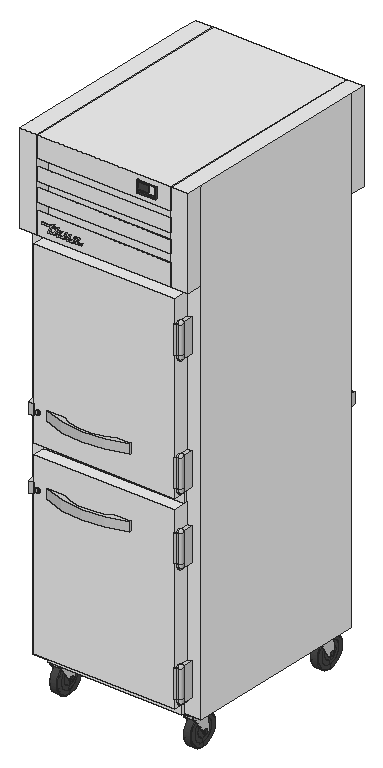
Revit family "QF_TRUE_STR1RPT-2HS-1S-HC", category Specialty Equipment, Revit 2012 (continued)
Automatic sketch dimensions
  Extrusion 6 sketch curve to Extrusion 6 sketch curve = 0.0324"
  Extrusion 6 sketch curve to Extrusion 6 sketch curve = 0.26185"
  Extrusion 6 sketch curve to Extrusion 6 sketch curve = 11/256"
  Extrusion 6 sketch curve to Extrusion 6 sketch curve = 0.07366"
  Extrusion 6 sketch curve to Extrusion 6 sketch curve = 0.02187"
  Extrusion 6 sketch curve to Extrusion 6 sketch curve = 0.06479"
  Extrusion 6 sketch curve to Extrusion 6 sketch curve = 0.01183"
  Extrusion 6 sketch curve to Extrusion 6 sketch curve = 0.05778"
  Extrusion 6 sketch curve to Extrusion 6 sketch curve = 0.53375"
  Extrusion 6 sketch curve to Extrusion 6 sketch curve = 0.23098"
  Extrusion 6 sketch curve to Extrusion 6 sketch curve = 0"
  Extrusion 6 sketch curve to Extrusion 6 sketch curve = 0.05045"
  Extrusion 6 sketch curve to Extrusion 6 sketch curve = 0.09139"
  Extrusion 6 sketch curve to Extrusion 6 sketch curve = 29/128"  (x3)
  Extrusion 9 sketch curve to Extrusion 9 sketch curve = 1/4"  (x2)
  Extrusion 9 sketch curve to Extrusion 9 sketch curve = 0.50669"  (x2)
  Extrusion 9 sketch curve to plane 6 = 0.63926"  (x2)
  Extrusion 9 sketch curve to Extrusion 9 sketch curve = 2 1/2"  (x2)
  level to Extrusion 9 sketch curve = 2.59003"
  Extrusion 9 sketch curve to Extrusion 9 sketch curve = 0.59966"  (x2)
  Extrusion 9 sketch curve to Extrusion 9 sketch curve = 0.07363"
  level to Extrusion 9 sketch curve = 2.5164"
  Extrusion 9 sketch curve to Extrusion 9 sketch curve = 0.32905"
  Extrusion 9 sketch curve to Extrusion 9 sketch curve = 0.60485"  (x2)
  Extrusion 10 sketch curve to Extrusion 10 sketch curve = 1/4"  (x2)
  Extrusion 10 sketch curve to Extrusion 10 sketch curve = 0.50669"  (x2)
  Extrusion 10 sketch curve to plane 6 = 0.63926"  (x2)
  Extrusion 10 sketch curve to Extrusion 10 sketch curve = 2 1/2"  (x2)
  level to Extrusion 10 sketch curve = 2.59003"
  Extrusion 10 sketch curve to Extrusion 10 sketch curve = 0.59966"  (x2)
  Extrusion 10 sketch curve to Extrusion 10 sketch curve = 0.07363"
  level to Extrusion 10 sketch curve = 2.5164"
  Extrusion 10 sketch curve to Extrusion 10 sketch curve = 0.32905"
  Extrusion 10 sketch curve to Extrusion 10 sketch curve = 0.60485"  (x2)
  Extrusion 15 sketch curve to Extrusion 15 sketch curve = 1/4"  (x2)
  Extrusion 15 sketch curve to plane 6 = 0.63926"  (x2)
  Extrusion 15 sketch curve to Extrusion 15 sketch curve = 2 1/2"  (x2)
  Extrusion 15 sketch curve to plane 6 = 0.93273"  (x2)
  Extrusion 15 sketch curve to Extrusion 15 sketch curve = 0.03603"
  Extrusion 15 sketch curve to plane 6 = 1.24411"
  plane 2 "LEFT" to Revolve 16 sketch curve = 1.33602"
  Revolve 16 sketch curve to Revolve 16 sketch curve = 0.48273"
  Revolve 16 sketch curve to Revolve 16 sketch curve = 0.1"  (x2)
  Revolve 16 sketch curve to Revolve 16 sketch curve = 0.16101"  (x2)
  Revolve 16 sketch curve to Revolve 16 sketch curve = 1/2"
  Revolve 16 sketch curve to Revolve 16 sketch curve = 0.16509"  (x2)
  Revolve 16 sketch curve to Revolve 16 sketch curve = 0.39592"
  level to Revolve 16 sketch curve = 2 1/2"
  Revolve 16 sketch curve to Revolve 16 sketch curve = 0"
  Revolve 16 sketch curve to Revolve 16 sketch curve = 0.29941"  (x2)
  Revolve 16 sketch curve to Revolve 16 sketch curve = 3/4"  (x4)
  Revolve 16 sketch curve to Revolve 16 sketch curve = 0.59652"
  Revolve 16 sketch curve to Revolve 16 sketch curve = 0.60059"
  Extrusion 17 sketch curve to Extrusion 17 sketch curve = 1/4"  (x2)
  Extrusion 17 sketch curve to Extrusion 17 sketch curve = 0.50669"  (x2)
  Extrusion 17 sketch curve to plane 6 = 0.63926"  (x2)
  Extrusion 17 sketch curve to Extrusion 17 sketch curve = 2 1/2"  (x2)
  level to Extrusion 17 sketch curve = 2.59003"
  Extrusion 17 sketch curve to Extrusion 17 sketch curve = 0.59966"  (x2)
  Extrusion 17 sketch curve to Extrusion 17 sketch curve = 0.07363"
  level to Extrusion 17 sketch curve = 2.5164"
  Extrusion 17 sketch curve to Extrusion 17 sketch curve = 0.32905"
  Extrusion 17 sketch curve to Extrusion 17 sketch curve = 0.60485"  (x2)
  Extrusion 18 sketch curve to Extrusion 18 sketch curve = 1/4"  (x2)
  Extrusion 18 sketch curve to Extrusion 18 sketch curve = 0.50669"  (x2)
  Extrusion 18 sketch curve to plane 6 = 0.63926"  (x2)
  Extrusion 18 sketch curve to Extrusion 18 sketch curve = 2 1/2"  (x2)
  level to Extrusion 18 sketch curve = 2.59003"
  Extrusion 18 sketch curve to Extrusion 18 sketch curve = 0.59966"  (x2)
  Extrusion 18 sketch curve to Extrusion 18 sketch curve = 0.07363"
  level to Extrusion 18 sketch curve = 2.5164"
  Extrusion 18 sketch curve to Extrusion 18 sketch curve = 0.32905"
  Extrusion 18 sketch curve to Extrusion 18 sketch curve = 0.60485"  (x2)
  Revolve 19 sketch curve to plane 6 = 0.62954"
  Revolve 19 sketch curve to Revolve 19 sketch curve = 0.10278"
  Revolve 19 sketch curve to plane 6 = 0.00141"
  plane 6 to Revolve 19 sketch curve = 0.26768"
  Revolve 20 sketch curve to level = 0"
  Revolve 20 sketch curve to Revolve 20 sketch curve = 1/4"
  Revolve 20 sketch curve to plane 6 = 0"
  level to Revolve 20 sketch curve = 1"
  Revolve 20 sketch curve to Revolve 20 sketch curve = 5/8"
  plane 6 to Revolve 20 sketch curve = 1 25/32"
  Revolve 21 sketch curve to level = 0"
  Revolve 21 sketch curve to Revolve 21 sketch curve = 1/4"
  Revolve 21 sketch curve to plane 6 = 0"
  level to Revolve 21 sketch curve = 1"
  Revolve 21 sketch curve to Revolve 21 sketch curve = 5/8"
  plane 6 to Revolve 21 sketch curve = 1 25/32"
  Revolve 22 sketch curve to plane 6 = 0.62954"
  Revolve 22 sketch curve to Revolve 22 sketch curve = 0.10278"
  Revolve 22 sketch curve to plane 6 = 0.00141"
  plane 6 to Revolve 22 sketch curve = 0.26768"
  Extrusion 23 sketch curve to Extrusion 23 sketch curve = 1/4"  (x2)
  Extrusion 23 sketch curve to plane 6 = 0.63926"  (x2)
  Extrusion 23 sketch curve to Extrusion 23 sketch curve = 2 1/2"  (x2)
  Extrusion 23 sketch curve to plane 6 = 0.93273"  (x2)
  Extrusion 23 sketch curve to Extrusion 23 sketch curve = 0.03603"
  Extrusion 23 sketch curve to plane 6 = 1.24411"
  plane 2 "LEFT" to Extrusion 26 sketch curve = 3/64"
  Extrusion 27 sketch curve to Extrusion 27 sketch curve = 0.20453"
  Extrusion 27 sketch curve to plane 5 "TOP" = 19.57271"
  Extrusion 27 sketch curve to Extrusion 27 sketch curve = 4.39928"
  Extrusion 27 sketch curve to Extrusion 27 sketch curve = 0.71221"
  Revolve 28 sketch curve to Revolve 28 sketch curve = 0.40666"
  Revolve 28 sketch curve to Revolve 28 sketch curve = 0"  (x2)
  Revolve 28 sketch curve to plane 5 "TOP" = 18.75492"
  Revolve 28 sketch curve to Revolve 28 sketch curve = 0.55526"
  Revolve 28 sketch curve to Revolve 28 sketch curve = 0.19474"
  Revolve 28 sketch curve to Revolve 28 sketch curve = 0.14649"
  Revolve 28 sketch curve to Revolve 28 sketch curve = 4.42889"
  Revolve 28 sketch curve to Revolve 28 sketch curve = 0.05342"
  Revolve 28 sketch curve to Revolve 28 sketch curve = 0.51246"
  Revolve 28 sketch curve to Revolve 28 sketch curve = 0.05889"
  Extrusion 29 sketch curve to Extrusion 29 sketch curve = 0.39759"
  Extrusion 29 sketch curve to plane 5 "TOP" = 19.6514"
  Extrusion 29 sketch curve to Extrusion 29 sketch curve = 4.47281"
  Extrusion 30 sketch curve to Extrusion 30 sketch curve = 0.20453"
  plane 6 to Extrusion 30 sketch curve = 38.92729"
  Extrusion 30 sketch curve to Extrusion 30 sketch curve = 4.39928"
  Extrusion 30 sketch curve to Extrusion 30 sketch curve = 0.71221"
  Revolve 31 sketch curve to Revolve 31 sketch curve = 0.40666"
  Revolve 31 sketch curve to Revolve 31 sketch curve = 0"  (x2)
  Revolve 31 sketch curve to plane 5 "TOP" = 38.25492"
  Revolve 31 sketch curve to Revolve 31 sketch curve = 0.55526"
  Revolve 31 sketch curve to Revolve 31 sketch curve = 0.19474"
  Revolve 31 sketch curve to Revolve 31 sketch curve = 0.14649"
  Revolve 31 sketch curve to Revolve 31 sketch curve = 4.42889"
  Revolve 31 sketch curve to Revolve 31 sketch curve = 0.05342"
  Revolve 31 sketch curve to Revolve 31 sketch curve = 0.51246"
  Revolve 31 sketch curve to Revolve 31 sketch curve = 0.05889"
  Extrusion 32 sketch curve to Extrusion 32 sketch curve = 0.39759"
  plane 6 to Extrusion 32 sketch curve = 38.8486"
  Extrusion 32 sketch curve to Extrusion 32 sketch curve = 4.47281"
  Extrusion 33 sketch curve to Extrusion 33 sketch curve = 0.20453"
  plane 6 to Extrusion 33 sketch curve = 27.92729"
  Extrusion 33 sketch curve to Extrusion 33 sketch curve = 4.39928"
  Extrusion 33 sketch curve to Extrusion 33 sketch curve = 0.71221"
  Revolve 34 sketch curve to Revolve 34 sketch curve = 0.40666"
  Revolve 34 sketch curve to Revolve 34 sketch curve = 0"  (x2)
  plane 6 to Revolve 34 sketch curve = 28.74508"
  Revolve 34 sketch curve to Revolve 34 sketch curve = 0.55526"
  Revolve 34 sketch curve to Revolve 34 sketch curve = 0.19474"
  Revolve 34 sketch curve to Revolve 34 sketch curve = 0.14649"
  Revolve 34 sketch curve to Revolve 34 sketch curve = 4.42889"
  Revolve 34 sketch curve to Revolve 34 sketch curve = 0.05342"
  Revolve 34 sketch curve to Revolve 34 sketch curve = 0.51246"
  Revolve 34 sketch curve to Revolve 34 sketch curve = 0.05889"
  Extrusion 35 sketch curve to Extrusion 35 sketch curve = 0.39759"
  plane 6 to Extrusion 35 sketch curve = 27.8486"
  Extrusion 35 sketch curve to Extrusion 35 sketch curve = 4.47281"
  Extrusion 36 sketch curve to Extrusion 36 sketch curve = 0.20453"
  plane 6 to Extrusion 36 sketch curve = 8.17729"
  plane 6 to Extrusion 36 sketch curve = 3.57348"
  Extrusion 36 sketch curve to Extrusion 36 sketch curve = 0.75105"
  Revolve 37 sketch curve to Revolve 37 sketch curve = 0"
  plane 6 to Revolve 37 sketch curve = 8.99508"
  Revolve 37 sketch curve to Revolve 37 sketch curve = 0.55526"
  Revolve 37 sketch curve to Revolve 37 sketch curve = 0.19474"
  Revolve 37 sketch curve to Revolve 37 sketch curve = 0.14649"
  plane 6 to Revolve 37 sketch curve = 3.62689"
  Revolve 37 sketch curve to Revolve 37 sketch curve = 0.05342"
  Revolve 37 sketch curve to Revolve 37 sketch curve = 0.51246"
  Revolve 37 sketch curve to Revolve 37 sketch curve = 0.05889"
  Extrusion 38 sketch curve to Extrusion 38 sketch curve = 0.39759"
  plane 6 to Extrusion 38 sketch curve = 8.0986"
  plane 6 to Extrusion 38 sketch curve = 3.62579"
  Extrusion 43 sketch curve to Extrusion 43 sketch curve = 0.20453"
  Extrusion 43 sketch curve to plane 5 "TOP" = 19.66646"
  Extrusion 43 sketch curve to Extrusion 43 sketch curve = 4.39928"
  Extrusion 43 sketch curve to Extrusion 43 sketch curve = 0.71221"
  Revolve 44 sketch curve to Revolve 44 sketch curve = 0.40666"
  Revolve 44 sketch curve to Revolve 44 sketch curve = 0"  (x2)
  Revolve 44 sketch curve to plane 5 "TOP" = 18.84867"
  Revolve 44 sketch curve to Revolve 44 sketch curve = 0.55526"
  Revolve 44 sketch curve to Revolve 44 sketch curve = 0.19474"
  Revolve 44 sketch curve to Revolve 44 sketch curve = 0.14649"
  Revolve 44 sketch curve to Revolve 44 sketch curve = 4.42889"
  Revolve 44 sketch curve to Revolve 44 sketch curve = 0.05342"
  Revolve 44 sketch curve to Revolve 44 sketch curve = 0.51246"
  Revolve 44 sketch curve to Revolve 44 sketch curve = 0.05889"
  Extrusion 46 sketch curve to Extrusion 46 sketch curve = 0.20453"
  plane 6 to Extrusion 46 sketch curve = 38.83354"
  Extrusion 46 sketch curve to Extrusion 46 sketch curve = 4.39928"
  Extrusion 46 sketch curve to Extrusion 46 sketch curve = 0.71221"
  Revolve 47 sketch curve to Revolve 47 sketch curve = 0.40666"
  Revolve 47 sketch curve to Revolve 47 sketch curve = 0"  (x2)
  Revolve 47 sketch curve to plane 5 "TOP" = 38.34867"
  Revolve 47 sketch curve to Revolve 47 sketch curve = 0.55526"
  Revolve 47 sketch curve to Revolve 47 sketch curve = 0.19474"
  Revolve 47 sketch curve to Revolve 47 sketch curve = 0.14649"
  Revolve 47 sketch curve to Revolve 47 sketch curve = 4.42889"
  Revolve 47 sketch curve to Revolve 47 sketch curve = 0.05342"
  Revolve 47 sketch curve to Revolve 47 sketch curve = 0.51246"
  Revolve 47 sketch curve to Revolve 47 sketch curve = 0.05889"
  Extrusion 49 sketch curve to Extrusion 49 sketch curve = 0.20453"
  plane 6 to Extrusion 49 sketch curve = 27.83354"
  Extrusion 49 sketch curve to Extrusion 49 sketch curve = 4.39928"
  Extrusion 49 sketch curve to Extrusion 49 sketch curve = 0.71221"
  Revolve 50 sketch curve to Revolve 50 sketch curve = 0.40666"
  Revolve 50 sketch curve to Revolve 50 sketch curve = 0"  (x2)
  plane 6 to Revolve 50 sketch curve = 28.65133"
  Revolve 50 sketch curve to Revolve 50 sketch curve = 0.55526"
  Revolve 50 sketch curve to Revolve 50 sketch curve = 0.19474"
  Revolve 50 sketch curve to Revolve 50 sketch curve = 0.14649"
  Revolve 50 sketch curve to Revolve 50 sketch curve = 4.42889"
  Revolve 50 sketch curve to Revolve 50 sketch curve = 0.05342"
  Revolve 50 sketch curve to Revolve 50 sketch curve = 0.51246"
  Revolve 50 sketch curve to Revolve 50 sketch curve = 0.05889"
  Extrusion 52 sketch curve to Extrusion 52 sketch curve = 0.20453"
  plane 6 to Extrusion 52 sketch curve = 8.08354"
  plane 6 to Extrusion 52 sketch curve = 3.47973"
  Extrusion 52 sketch curve to Extrusion 52 sketch curve = 0.71221"
  Revolve 53 sketch curve to Revolve 53 sketch curve = 0.40666"
  Revolve 53 sketch curve to Revolve 53 sketch curve = 0"  (x2)
  plane 6 to Revolve 53 sketch curve = 8.90133"
  Revolve 53 sketch curve to Revolve 53 sketch curve = 0.55526"
  Revolve 53 sketch curve to Revolve 53 sketch curve = 0.19474"
  Revolve 53 sketch curve to Revolve 53 sketch curve = 0.14649"
  plane 6 to Revolve 53 sketch curve = 3.53314"
  Revolve 53 sketch curve to Revolve 53 sketch curve = 0.05342"
  Revolve 53 sketch curve to Revolve 53 sketch curve = 0.51246"
  Revolve 53 sketch curve to Revolve 53 sketch curve = 0.05889"
  Extrusion 55 sketch curve to Extrusion 55 sketch curve = 0.0555"
  plane 6 to Extrusion 55 sketch curve = 25.91365"
  Extrusion 55 sketch curve to Extrusion 55 sketch curve = 0.27385"
  Extrusion 55 sketch curve to Extrusion 55 sketch curve = 0.29355"
  Blend 56 sketch curve to Blend 56 sketch curve = 3/4"
  plane 6 to Blend 56 sketch curve = 27.00831"
  Blend 56 sketch curve to Blend 56 sketch curve = 1 3/4"
  Blend 56 sketch curve to Blend 56 sketch curve = 0.93223"
  plane 6 to Blend 56 sketch curve = 27.6059"
  Blend 56 sketch curve to Blend 56 sketch curve = 2.78233"
  Extrusion 57 sketch curve to plane 4 "FRONT" = 3/16"  (x2)
  Extrusion 57 sketch curve to Extrusion 57 sketch curve = 2.37851"  (x2)
  Extrusion 57 sketch curve to Extrusion 57 sketch curve = 0"
  Extrusion 57 sketch curve to Extrusion 57 sketch curve = 0.2122"
  Extrusion 57 sketch curve to Extrusion 57 sketch curve = 7.30945"
  Extrusion 61 sketch curve to Extrusion 61 sketch curve = 0.0555"
  plane 6 to Extrusion 61 sketch curve = 37.26895"
  Extrusion 61 sketch curve to Extrusion 61 sketch curve = 0.29355"
  Extrusion 61 sketch curve to Extrusion 61 sketch curve = 0.27385"
  Blend 62 sketch curve to Blend 62 sketch curve = 3/4"
  plane 6 to Blend 62 sketch curve = 38.49169"
  Blend 62 sketch curve to Blend 62 sketch curve = 1 3/4"
  Blend 62 sketch curve to Blend 62 sketch curve = 0.93223"
  plane 6 to Blend 62 sketch curve = 38.92643"
  Blend 62 sketch curve to Blend 62 sketch curve = 2.78233"
  Extrusion 63 sketch curve to plane 4 "FRONT" = 3/16"  (x2)
  Extrusion 63 sketch curve to Extrusion 63 sketch curve = 2.37851"  (x2)
  Extrusion 63 sketch curve to Extrusion 63 sketch curve = 0"
  Extrusion 63 sketch curve to Extrusion 63 sketch curve = 0.2122"
  Extrusion 63 sketch curve to Extrusion 63 sketch curve = 7.30945"
  plane 2 "LEFT" to Revolve 65 sketch curve = 1.33602"
  Revolve 65 sketch curve to Revolve 65 sketch curve = 0.48273"
  Revolve 65 sketch curve to Revolve 65 sketch curve = 0.1"  (x2)
  Revolve 65 sketch curve to Revolve 65 sketch curve = 0.16101"  (x2)
  Revolve 65 sketch curve to Revolve 65 sketch curve = 1/2"
  Revolve 65 sketch curve to Revolve 65 sketch curve = 0.16509"  (x2)
  Revolve 65 sketch curve to Revolve 65 sketch curve = 0.39592"
  level to Revolve 65 sketch curve = 2 1/2"
  Revolve 65 sketch curve to Revolve 65 sketch curve = 0"
  Revolve 65 sketch curve to Revolve 65 sketch curve = 0.29941"  (x2)
  Revolve 65 sketch curve to Revolve 65 sketch curve = 3/4"  (x4)
  Revolve 65 sketch curve to Revolve 65 sketch curve = 0.59652"
  Revolve 65 sketch curve to Revolve 65 sketch curve = 0.60059"
  Extrusion 9 sketch curve to Extrusion 9 sketch curve = 1.7492"
  Extrusion 10 sketch curve to Extrusion 10 sketch curve = 1.7492"
  Extrusion 17 sketch curve to Extrusion 17 sketch curve = 1.7492"
  Extrusion 18 sketch curve to Extrusion 18 sketch curve = 1.7492"
  Extrusion 27 sketch curve to Extrusion 27 sketch curve = 1.50065"
  Extrusion 30 sketch curve to Extrusion 30 sketch curve = 1.50065"
  Extrusion 33 sketch curve to Extrusion 33 sketch curve = 1.50065"
  Extrusion 36 sketch curve to Extrusion 36 sketch curve = 1.50065"
  Extrusion 3 sketch curve to Extrusion 3 sketch curve = 1/2"
  Extrusion 5 sketch curve to Extrusion 5 sketch curve = 2 9/16"
  Extrusion 9 sketch curve to Extrusion 9 sketch curve = 0.35555"
  Extrusion 10 sketch curve to Extrusion 10 sketch curve = 0.35555"
  Extrusion 17 sketch curve to Extrusion 17 sketch curve = 0.35555"
  Extrusion 18 sketch curve to Extrusion 18 sketch curve = 0.35555"
  Extrusion 43 sketch curve to Extrusion 43 sketch curve = 1.50065"
  Extrusion 46 sketch curve to Extrusion 46 sketch curve = 1.50065"
  Extrusion 49 sketch curve to Extrusion 49 sketch curve = 1.50065"
  Extrusion 52 sketch curve to Extrusion 52 sketch curve = 1.50065"
  Extrusion 1 sketch curve to plane 4 "FRONT" = 2 3/4"
  plane 7 to Extrusion 3 sketch curve = 2.3292"
  plane 7 to Extrusion 3 sketch curve = 2.7042"
  plane 7 to Extrusion 3 sketch curve = 2.2042"
  Extrusion 3 sketch curve to Extrusion 3 sketch curve = 0"  (x2)
  plane 7 to Extrusion 3 sketch curve = 0.1417"  (x4)
  Extrusion 5 sketch curve to plane 4 "FRONT" = 3/16"
  Extrusion 9 sketch curve to plane 4 "FRONT" = 6.90419"
  Extrusion 10 sketch curve to plane 4 "FRONT" = 6.90419"
  Extrusion 15 sketch curve to plane 4 "FRONT" = 6.58467"
  Extrusion 17 sketch curve to plane 4 "FRONT" = 6.90419"
  Extrusion 18 sketch curve to plane 4 "FRONT" = 6.90419"
  Extrusion 23 sketch curve to plane 4 "FRONT" = 6.58467"
  Extrusion 43 sketch curve to plane 4 "FRONT" = 0.60979"
  Extrusion 43 sketch curve to Extrusion 43 sketch curve = 0.43503"
  Revolve 44 sketch curve to plane 4 "FRONT" = 3/8"  (x2)
  Revolve 44 sketch curve to Revolve 44 sketch curve = 0.02425"
  Revolve 44 sketch curve to Revolve 44 sketch curve = 0.38436"
  Extrusion 46 sketch curve to plane 4 "FRONT" = 0.60979"
  Extrusion 46 sketch curve to Extrusion 46 sketch curve = 0.43503"
  Revolve 47 sketch curve to plane 4 "FRONT" = 3/8"  (x2)
  Revolve 47 sketch curve to Revolve 47 sketch curve = 0.02425"
  Revolve 47 sketch curve to Revolve 47 sketch curve = 0.02231"
  Extrusion 49 sketch curve to plane 4 "FRONT" = 0.60979"
  Extrusion 49 sketch curve to Extrusion 49 sketch curve = 0.43503"
  Revolve 50 sketch curve to plane 4 "FRONT" = 3/8"  (x2)
  Revolve 50 sketch curve to Revolve 50 sketch curve = 0.02425"
  Revolve 50 sketch curve to Revolve 50 sketch curve = 0.02231"
  Extrusion 52 sketch curve to plane 4 "FRONT" = 0.60979"
  Extrusion 52 sketch curve to Extrusion 52 sketch curve = 0.43503"
  Revolve 53 sketch curve to plane 4 "FRONT" = 3/8"  (x2)
  Revolve 53 sketch curve to Revolve 53 sketch curve = 0.02425"
  Revolve 53 sketch curve to Revolve 53 sketch curve = 0.02231"
  Extrusion 57 sketch curve to plane 4 "FRONT" = 7.95429"
  Extrusion 63 sketch curve to plane 4 "FRONT" = 7.95429"
  plane 8 to Extrusion 1 sketch curve = 2 3/4"
  plane 8 to Extrusion 3 sketch curve = 2 3/4"  (x2)
  plane 8 to Extrusion 3 sketch curve = 2.15841"  (x2)
  plane 8 to Extrusion 3 sketch curve = 3/16"  (x4)
  plane 8 to Extrusion 9 sketch curve = 6.82645"
  plane 8 to Extrusion 10 sketch curve = 6.82645"
  plane 8 to Extrusion 15 sketch curve = 6.82645"
  plane 8 to Extrusion 17 sketch curve = 6.82645"
  plane 8 to Extrusion 18 sketch curve = 6.82645"
  plane 8 to Extrusion 23 sketch curve = 6.82645"
  plane 8 to Extrusion 26 sketch curve = 2 3/4"
  plane 8 to Extrusion 26 sketch curve = 3/16"
  plane 8 to Extrusion 27 sketch curve = 0.60979"
  Extrusion 27 sketch curve to Extrusion 27 sketch curve = 0.43503"
  plane 8 to Revolve 28 sketch curve = 3/16"  (x2)
  Revolve 28 sketch curve to Revolve 28 sketch curve = 0.38242"
  Revolve 28 sketch curve to Revolve 28 sketch curve = 0.02231"
  plane 8 to Extrusion 30 sketch curve = 0.60979"
  Extrusion 30 sketch curve to Extrusion 30 sketch curve = 0.43503"
  plane 8 to Revolve 31 sketch curve = 3/16"  (x2)
  Revolve 31 sketch curve to Revolve 31 sketch curve = 0.38242"
  Revolve 31 sketch curve to Revolve 31 sketch curve = 0.02231"
  plane 8 to Extrusion 33 sketch curve = 0.60979"
  Extrusion 33 sketch curve to Extrusion 33 sketch curve = 0.43503"
  plane 8 to Revolve 34 sketch curve = 3/16"  (x2)
  Revolve 34 sketch curve to Revolve 34 sketch curve = 0.38242"
  Revolve 34 sketch curve to Revolve 34 sketch curve = 0.38436"
  plane 8 to Extrusion 36 sketch curve = 0.60979"
  Extrusion 36 sketch curve to Extrusion 36 sketch curve = 0.43503"
  plane 8 to Revolve 37 sketch curve = 3/16"  (x2)
  Revolve 37 sketch curve to Revolve 37 sketch curve = 0.38242"
  Revolve 37 sketch curve to Revolve 37 sketch curve = 0.38436"
  plane 8 to Revolve 37 sketch curve = 0.59416"
  Revolve 37 sketch curve to Revolve 37 sketch curve = 0.40666"
  plane 2 "LEFT" to Extrusion 1 sketch curve = 2 55/64"
  Extrusion 5 sketch curve to Extrusion 5 sketch curve = 2 13/16"
  plane 2 "LEFT" to Extrusion 6 sketch curve = 3.68957"
  Revolve 16 sketch curve to Revolve 16 sketch curve = 0.4"
  Revolve 16 sketch curve to Revolve 16 sketch curve = 0.75408"
  Revolve 16 sketch curve to Revolve 16 sketch curve = 0.10408"
  plane 2 "LEFT" to Revolve 19 sketch curve = 1.54668"
  Revolve 19 sketch curve to Revolve 19 sketch curve = 1.29707"
  Revolve 19 sketch curve to Revolve 19 sketch curve = 0"
  plane 2 "LEFT" to Revolve 20 sketch curve = 1.51037"
  plane 2 "LEFT" to Revolve 20 sketch curve = 2 3/32"
  Revolve 20 sketch curve to Revolve 20 sketch curve = 1/2"
  Revolve 20 sketch curve to Revolve 20 sketch curve = 0"
  plane 2 "LEFT" to Revolve 21 sketch curve = 1.51037"
  plane 2 "LEFT" to Revolve 21 sketch curve = 2 3/32"
  Revolve 21 sketch curve to Revolve 21 sketch curve = 1/2"
  Revolve 21 sketch curve to Revolve 21 sketch curve = 0"
  plane 2 "LEFT" to Revolve 22 sketch curve = 1.54668"
  Revolve 22 sketch curve to Revolve 22 sketch curve = 1.29707"
  Revolve 22 sketch curve to Revolve 22 sketch curve = 0"
  Extrusion 26 sketch curve to Extrusion 26 sketch curve = 2 13/16"
  plane 2 "LEFT" to Extrusion 29 sketch curve = 1.88366"
  plane 2 "LEFT" to Extrusion 32 sketch curve = 1.88366"
  plane 2 "LEFT" to Extrusion 35 sketch curve = 1.88366"
  plane 2 "LEFT" to Extrusion 38 sketch curve = 1.88366"
  plane 2 "LEFT" to Extrusion 55 sketch curve = 3.0734"
  Extrusion 55 sketch curve to Extrusion 55 sketch curve = 0.02035"
  plane 2 "LEFT" to Blend 56 sketch curve = 2 9/32"  (x2)
  plane 2 "LEFT" to Extrusion 57 sketch curve = 4 9/16"
  Extrusion 57 sketch curve to Extrusion 57 sketch curve = 4.42149"
  plane 2 "LEFT" to Extrusion 61 sketch curve = 3.0734"
  Extrusion 61 sketch curve to Extrusion 61 sketch curve = 0.02035"
  plane 2 "LEFT" to Blend 62 sketch curve = 2 9/32"  (x2)
  plane 2 "LEFT" to Extrusion 63 sketch curve = 4 9/16"
  Extrusion 63 sketch curve to Extrusion 63 sketch curve = 4.42149"
  Revolve 65 sketch curve to Revolve 65 sketch curve = 0.4"
  Revolve 65 sketch curve to Revolve 65 sketch curve = 0.75408"
  Revolve 65 sketch curve to Revolve 65 sketch curve = 0.10408"
  Extrusion 2 sketch curve to plane 3 "RIGHT" = 0"
  Extrusion 2 sketch curve to plane 3 "RIGHT" = 2 55/64"
  Extrusion 2 sketch curve to plane 4 "FRONT" = 2 3/4"
  plane 8 to Extrusion 2 sketch curve = 2 3/4"
  Extrusion 4 sketch curve to plane 3 "RIGHT" = 2 55/64"
  Extrusion 4 sketch curve to plane 3 "RIGHT" = 3/64"
  Extrusion 4 sketch curve to plane 4 "FRONT" = 3/16"
  Extrusion 4 sketch curve to Extrusion 4 sketch curve = 2 9/16"
  Extrusion 7 sketch curve to plane 3 "RIGHT" = 3 1/4"
  Extrusion 7 sketch curve to plane 5 "TOP" = 2 1/8"
  Revolve 8 sketch curve to plane 3 "RIGHT" = 4.35148"
  Revolve 8 sketch curve to Revolve 8 sketch curve = 0.48273"
  Revolve 8 sketch curve to Revolve 8 sketch curve = 0.4"
  Revolve 8 sketch curve to Revolve 8 sketch curve = 0"  (x2)
  Revolve 8 sketch curve to Revolve 8 sketch curve = 0.1"  (x2)
  Revolve 8 sketch curve to Revolve 8 sketch curve = 0.16101"
  Revolve 8 sketch curve to Revolve 8 sketch curve = 0.75408"
  Revolve 8 sketch curve to Revolve 8 sketch curve = 0.92798"
  Revolve 8 sketch curve to Revolve 8 sketch curve = 0.06101"
  Revolve 8 sketch curve to Revolve 8 sketch curve = 1/2"
  Revolve 8 sketch curve to Revolve 8 sketch curve = 0.16509"
  Revolve 8 sketch curve to Revolve 8 sketch curve = 0.39592"
  level to Revolve 8 sketch curve = 2 1/2"
  Revolve 8 sketch curve to Revolve 8 sketch curve = 0.29941"  (x2)
  Revolve 8 sketch curve to Revolve 8 sketch curve = 3/4"  (x4)
  Revolve 8 sketch curve to Revolve 8 sketch curve = 0.59652"
  Revolve 8 sketch curve to Revolve 8 sketch curve = 0.60059"
  Revolve 11 sketch curve to plane 6 = 0.62954"
  Revolve 11 sketch curve to plane 3 "RIGHT" = 4.14082"
  Revolve 11 sketch curve to Revolve 11 sketch curve = 1.29707"
  Revolve 11 sketch curve to Revolve 11 sketch curve = 0"
  Revolve 11 sketch curve to Revolve 11 sketch curve = 0.10278"
  Revolve 11 sketch curve to plane 6 = 0.00141"
  plane 6 to Revolve 11 sketch curve = 0.26768"
  Revolve 12 sketch curve to level = 0"
  Revolve 12 sketch curve to plane 6 = 0"
  Revolve 12 sketch curve to plane 3 "RIGHT" = 4.17713"
  level to Revolve 12 sketch curve = 1"
  Revolve 12 sketch curve to plane 3 "RIGHT" = 3 19/32"
  Revolve 12 sketch curve to Revolve 12 sketch curve = 1/4"
  Revolve 12 sketch curve to Revolve 12 sketch curve = 1/2"
  Revolve 12 sketch curve to Revolve 12 sketch curve = 0"
  Revolve 12 sketch curve to Revolve 12 sketch curve = 5/8"
  plane 6 to Revolve 12 sketch curve = 1 25/32"
  Revolve 13 sketch curve to level = 0"
  Revolve 13 sketch curve to plane 6 = 0"
  Revolve 13 sketch curve to plane 3 "RIGHT" = 4.17713"
  level to Revolve 13 sketch curve = 1"
  Revolve 13 sketch curve to plane 3 "RIGHT" = 3 19/32"
  Revolve 13 sketch curve to Revolve 13 sketch curve = 1/4"
  Revolve 13 sketch curve to Revolve 13 sketch curve = 1/2"
  Revolve 13 sketch curve to Revolve 13 sketch curve = 0"
  Revolve 13 sketch curve to Revolve 13 sketch curve = 5/8"
  plane 6 to Revolve 13 sketch curve = 1 25/32"
  Revolve 14 sketch curve to plane 6 = 0.62954"
  Revolve 14 sketch curve to plane 3 "RIGHT" = 4.14082"
  Revolve 14 sketch curve to Revolve 14 sketch curve = 1.29707"
  Revolve 14 sketch curve to Revolve 14 sketch curve = 0"
  Revolve 14 sketch curve to Revolve 14 sketch curve = 0.10278"
  Revolve 14 sketch curve to plane 6 = 0.00141"
  plane 6 to Revolve 14 sketch curve = 0.26768"
  plane 2 "LEFT" to Extrusion 24 sketch curve = 2 9/32"
  Extrusion 24 sketch curve to plane 3 "RIGHT" = 2 9/32"
  Extrusion 24 sketch curve to plane 5 "TOP" = 16 5/32"
  plane 6 to Extrusion 24 sketch curve = 1 29/32"
  Extrusion 25 sketch curve to plane 3 "RIGHT" = 2 55/64"
  Extrusion 25 sketch curve to plane 3 "RIGHT" = 3/64"
  plane 8 to Extrusion 25 sketch curve = 2 3/4"
  plane 8 to Extrusion 25 sketch curve = 3/16"
  Extrusion 40 sketch curve to plane 3 "RIGHT" = 3.0734"
  Extrusion 40 sketch curve to Extrusion 40 sketch curve = 0.02035"
  Extrusion 40 sketch curve to Extrusion 40 sketch curve = 0.0555"
  plane 6 to Extrusion 40 sketch curve = 31.58145"
  Extrusion 40 sketch curve to Extrusion 40 sketch curve = 0.29355"
  Extrusion 40 sketch curve to Extrusion 40 sketch curve = 0.27385"
  Blend 41 sketch curve to plane 3 "RIGHT" = 2 9/32"  (x2)
  Blend 41 sketch curve to Blend 41 sketch curve = 3/4"
  plane 6 to Blend 41 sketch curve = 32.80419"
  Blend 41 sketch curve to Blend 41 sketch curve = 1 3/4"
  Blend 41 sketch curve to Blend 41 sketch curve = 0.93223"
  plane 6 to Blend 41 sketch curve = 33.23893"
  Blend 41 sketch curve to Blend 41 sketch curve = 2.78233"
  plane 2 "LEFT" to Extrusion 42 sketch curve = 2 9/32"
  Extrusion 42 sketch curve to Extrusion 42 sketch curve = 0"
  Extrusion 42 sketch curve to plane 3 "RIGHT" = 2 9/32"  (x2)
  plane 6 to Extrusion 42 sketch curve = 1 29/32"
  Extrusion 42 sketch curve to Extrusion 42 sketch curve = 29 1/8"
  Extrusion 42 sketch curve to Extrusion 42 sketch curve = 1 11/16"
  Extrusion 42 sketch curve to plane 5 "TOP" = 16 5/32"
  Extrusion 45 sketch curve to plane 3 "RIGHT" = 1.88366"
  Extrusion 45 sketch curve to Extrusion 45 sketch curve = 0.39759"
  Extrusion 45 sketch curve to plane 5 "TOP" = 19.74515"
  Extrusion 45 sketch curve to Extrusion 45 sketch curve = 4.47281"
  Extrusion 48 sketch curve to plane 3 "RIGHT" = 1.88366"
  Extrusion 48 sketch curve to Extrusion 48 sketch curve = 0.39759"
  plane 6 to Extrusion 48 sketch curve = 38.75485"
  Extrusion 48 sketch curve to Extrusion 48 sketch curve = 4.47281"
  Extrusion 51 sketch curve to plane 3 "RIGHT" = 1.88366"
  Extrusion 51 sketch curve to Extrusion 51 sketch curve = 0.39759"
  plane 6 to Extrusion 51 sketch curve = 27.75485"
  Extrusion 51 sketch curve to Extrusion 51 sketch curve = 4.47281"
  Extrusion 54 sketch curve to plane 3 "RIGHT" = 1.88366"
  Extrusion 54 sketch curve to Extrusion 54 sketch curve = 0.39759"
  plane 6 to Extrusion 54 sketch curve = 8.00485"
  plane 6 to Extrusion 54 sketch curve = 3.53204"
  plane 2 "LEFT" to Extrusion 58 sketch curve = 2 9/32"
  Extrusion 58 sketch curve to plane 3 "RIGHT" = 2 9/32"
  plane 6 to Extrusion 58 sketch curve = 31 1/32"
  Extrusion 58 sketch curve to Extrusion 58 sketch curve = 1 11/16"
  Extrusion 59 sketch curve to plane 5 "TOP" = 2.55982"
  Extrusion 59 sketch curve to plane 3 "RIGHT" = 8.1621"
  Extrusion 59 sketch curve to Extrusion 59 sketch curve = 2 29/32"
  Extrusion 59 sketch curve to plane 5 "TOP" = 13/16"
  Extrusion 60 sketch curve to plane 5 "TOP" = 3/4"
  Extrusion 60 sketch curve to plane 3 "RIGHT" = 8.2246"
  Extrusion 60 sketch curve to Extrusion 60 sketch curve = 1/16"  (x4)
  Extrusion 60 sketch curve to Extrusion 60 sketch curve = 0.1375"  (x2)
  Extrusion 60 sketch curve to Extrusion 60 sketch curve = 1/4"  (x4)
  Extrusion 60 sketch curve to Extrusion 60 sketch curve = 0.44601"
  Extrusion 60 sketch curve to Extrusion 60 sketch curve = 1/2"  (x2)
  Extrusion 60 sketch curve to Extrusion 60 sketch curve = 0.0035"
  Extrusion 60 sketch curve to Extrusion 60 sketch curve = 1.06923"
  Extrusion 60 sketch curve to plane 5 "TOP" = 0.95"
  Extrusion 60 sketch curve to Extrusion 60 sketch curve = 1"
  Extrusion 60 sketch curve to Extrusion 60 sketch curve = 0.34106"  (x3)
  Extrusion 60 sketch curve to Extrusion 60 sketch curve = 0"
  Extrusion 60 sketch curve to Extrusion 60 sketch curve = 0.26876"
  Revolve 64 sketch curve to plane 3 "RIGHT" = 4.35148"
  Revolve 64 sketch curve to Revolve 64 sketch curve = 0.48273"
  Revolve 64 sketch curve to Revolve 64 sketch curve = 0.4"
  Revolve 64 sketch curve to Revolve 64 sketch curve = 0"  (x2)
  Revolve 64 sketch curve to Revolve 64 sketch curve = 0.1"  (x2)
  Revolve 64 sketch curve to Revolve 64 sketch curve = 0.16101"
  Revolve 64 sketch curve to Revolve 64 sketch curve = 0.75408"
  Revolve 64 sketch curve to Revolve 64 sketch curve = 0.92798"
  Revolve 64 sketch curve to Revolve 64 sketch curve = 0.06101"
  Revolve 64 sketch curve to Revolve 64 sketch curve = 1/2"
  Revolve 64 sketch curve to Revolve 64 sketch curve = 0.16509"
  Revolve 64 sketch curve to Revolve 64 sketch curve = 0.39592"
  level to Revolve 64 sketch curve = 2 1/2"
  Revolve 64 sketch curve to Revolve 64 sketch curve = 0.29941"  (x2)
  Revolve 64 sketch curve to Revolve 64 sketch curve = 3/4"  (x4)
  Revolve 64 sketch curve to Revolve 64 sketch curve = 0.59652"
  Revolve 64 sketch curve to Revolve 64 sketch curve = 0.60059"
  Extrusion 68 sketch curve to plane 3 "RIGHT" = 2 9/32"
  Extrusion 68 sketch curve to plane 4 "FRONT" = 3/16"
  plane 2 "LEFT" to Extrusion 68 sketch curve = 2 9/32"
  Extrusion 67 sketch curve to plane 10 = 0"
  plane 8 to Extrusion 67 sketch curve = 0.29154"
  plane 2 "LEFT" to Extrusion 67 sketch curve = 1.89296"
  Extrusion 67 sketch curve to Extrusion 67 sketch curve = 0.38829"
  plane 8 to Extrusion 67 sketch curve = 3/16"
  curve 1 to plane 2 "LEFT" = 0"
  plane 4 "FRONT" to curve 23 = 0"
  plane 4 "FRONT" to curve 26 = 0"
  curve 5 to plane 3 "RIGHT" = 0"
  plane 2 "LEFT" to curve 12 = 1.20097"
  plane 2 "LEFT" to curve 8 = 1.20097"
  curve 36 to plane 4 "FRONT" = 3/16"
  plane 2 "LEFT" to curve 36 = 2 9/32"
  plane 8 to curve 38 = 3/16"
  plane 2 "LEFT" to curve 38 = 2 9/32"
  curve 37 to curve 38 = 0"
  curve 7 to curve 8 = 1.08591"
  curve 11 to curve 13 = 1.08591"
  curve 36 to curve 23 = 1.40832"
  curve 37 to curve 11 = 1.41972"
  plane 2 "LEFT" to curve 7 = 3.70097"
  curve 23 to curve 29 = 0.81768"
  plane 2 "LEFT" to curve 35 = 5.35429"
  curve 29 to curve 30 = 2.85421"
  curve 30 to curve 25 = 2.97278"
  curve 6 to curve 29 = 6.57561"
  curve 6 to curve 30 = 6.61409"
  curve 25 to curve 30 = 5.44975"
  curve 34 to plane 3 "RIGHT" = 10.33424"
  plane 4 "FRONT" to curve 31 = 0.0247"
  curve 30 to curve 31 = 2.37851"
  curve 29 to curve 26 = 1.11291"
  curve 16 to plane 3 "RIGHT" = 5.39157"
  curve 38 to plane 3 "RIGHT" = 5.35429"
  curve 26 to curve 27 = 3 1/32"
  curve 28 to curve 19 = 0.0149"
  curve 15 to curve 17 = 1.08591"
  curve 19 to curve 21 = 1.08591"
  curve 15 to plane 3 "RIGHT" = 2.89157"
  curve 18 to plane 3 "RIGHT" = 2.67844"
  curve 36 to plane 3 "RIGHT" = 2 9/32"
  curve 35 to curve 36 = 0"
  curve 3 to curve 5 = 2 9/16"
  curve 28 to curve 21 = 3.74099"
  curve 5 to curve 9 = 1.40562"
  curve 20 to curve 20 = 0.62695"
  curve 8 to curve 8 = 0.62695"
  curve 13 to curve 37 = 7.78188"
  curve 16 to curve 32 = 7.78188"
  curve 16 to curve 16 = 0.62695"
  curve 12 to curve 12 = 0.62695"
  curve 14 to curve 1 = 0.88926"
  Extrusion 66 sketch curve to plane 9 = 0"
  Extrusion 66 sketch curve to plane 4 "FRONT" = 0.29154"
  Extrusion 66 sketch curve to plane 3 "RIGHT" = 1.89296"
  Extrusion 66 sketch curve to plane 4 "FRONT" = 3/16"
  Extrusion 66 sketch curve to Extrusion 66 sketch curve = 0.38829"
  plane 8 to Extrusion 39 sketch curve = 3/16"  (x2)
  Extrusion 39 sketch curve to plane 3 "RIGHT" = 4 1/2"
  Extrusion 39 sketch curve to plane 3 "RIGHT" = 6.8785"
  Extrusion 39 sketch curve to plane 3 "RIGHT" = 11 7/16"  (x2)
  Extrusion 39 sketch curve to Extrusion 39 sketch curve = 2.3785"
  Extrusion 39 sketch curve to plane 8 = 0.02467"
  plane 8 to Extrusion 39 sketch curve = 8.21725"
  Extrusion 39 sketch curve to Extrusion 39 sketch curve = 7.70023"
  curve 32 to curve 14 = 0.798"
  curve 32 to curve 38 = 1.40832"
  curve 10 to curve 40 = 4.33812"
  curve 29 to curve 39 = 4.7"
  curve 39 to plane 8 = 0"
  curve 39 to curve 32 = 0.75402"
  curve 29 to curve 39 = 4.94378"
  curve 40 to curve 41 = 2.3785"
  curve 41 to curve 15 = 6.04593"
  curve 41 to curve 15 = 0.87482"
  plane 2 "LEFT" to Extrusion 69 sketch curve = 2 27/32"
  plane 8 to Extrusion 69 sketch curve = 5.44102"
  plane 2 "LEFT" to Extrusion 70 sketch curve = 2 27/32"
  Extrusion 70 sketch curve to plane 4 "FRONT" = 4.71523"
  Extrusion 71 sketch curve to plane 3 "RIGHT" = 2 27/32"
  plane 8 to Extrusion 71 sketch curve = 5.44102"
  Extrusion 72 sketch curve to plane 3 "RIGHT" = 2 27/32"
  Extrusion 72 sketch curve to plane 4 "FRONT" = 4.71523"
  radius of Extrusion 55 sketch curve = 0.35"
  radius of Extrusion 61 sketch curve = 0.35"
  radius of Extrusion 7 sketch curve = 1/4"
  radius of Extrusion 40 sketch curve = 0.35"
  radius of Extrusion 69 sketch curve = 1 1/2"
  radius of Extrusion 70 sketch curve = 1 1/2"
  radius of Extrusion 71 sketch curve = 1 1/2"
  radius of Extrusion 72 sketch curve = 1 1/2"
Connectors (in)
  electrical at (24.25, 2.5625, 82), driven by "Volts", driven by "Watts"
    settings: on Extrusion 7, index 1, voltage 115 V, apparent load 437 VA, apparent load phase1 0 VA, apparent load phase2 0 VA, apparent load phase3 0 VA, power factor 1, load classification "Other", number of poles 1, system type 30, power factor state 1, is connector primary yes, connector utility no, sub classification motor no, connector description "ELECTRICAL CONNECTION"
